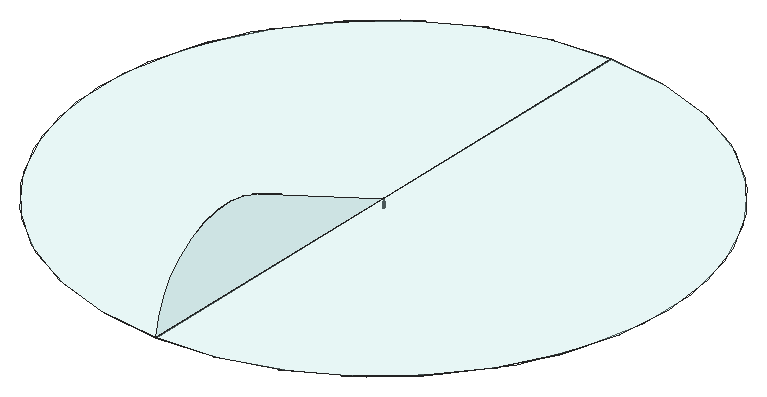
Revit family "Rotor 3500 Series - 3504PCSAMNP", category Acessórios do tubo, Revit 2020
Family settings
  Cota do conector redondo = Utilizar diâmetro
  Tipo de parte = Normal
  Número OmniClass = 23.60.30.11.14
  Título OmniClass = Pipework Fittings
  Com base no plano de trabalho = Não
  Sempre na vertical = Sim
  Corte com vazios quando carregada = Não
  Compartilhado = Não
Parameters (values of type "Nozzle 3.0")
  Water = Water
  URL = "https://www.rainbird.com/"
  TABLE PRESSURE = "Press."
  TABLE 55 = "TABLE 55psi"
  TABLE 45 = "TABLE 45psi"
  TABLE 35 = "TABLE 35psi"
  TABLE 25 = "TABLE 25psi"
  SupportProjetos: Reviw Date = ""  # constant formula
  SupportProjetos: Reviw = "R00"  # constant formula
  SupportProjetos: Level of Detail = "LOD 300"  # constant formula
  SupportProjetos: Developed = "MICHEL SOARES MOTA"  # constant formula
  SupportProjetos: Creation Date = "06/08/2020"  # constant formula
  Side inlet = no
  Rotation Water Visibility [instance] = Pop up on  # yes
  Rotation Angle [instance] = 360.00°
  RainBird: Product Link = "https://www.rainbird.com/"
  RainBird: Description = "3504PC-SAM-NP: 4 Rotor"  # constant formula
  RainBird: Comment [instance] = ""
  RainBird: Code = "Y34900"  # constant formula
  Radius [instance] = if(Instance = 1, size_lookup(TABLE PRESSURE, "Radius75", 0 ft, Pressure), if(Instance = 2, size_lookup(TABLE PRESSURE, "Radius1", 0 ft, Pressure), if(Instance = 3, size_lookup(TABLE PRESSURE, "Radius15", 0 ft, Pressure), if(Instance = 4, size_lookup(TABLE PRESSURE, "Radius2", 0 ft, Pressure), if(Instance = 5, size_lookup(TABLE PRESSURE, "Radius3", 0 ft, Pressure), if(Instance = 6, size_lookup(TABLE PRESSURE, "Radius4", 0 ft, Pressure), 0 ft))))))  # 31 ft
  RT = 0.009893 ft
  RN = 0.032808 ft
  R5 = 0.03937 ft
  R4 = 0.04101 ft
  R3 = 0.065617 ft
  R2 = 0.075407 ft
  R1 = 0.032808 ft
  Pressure [instance] = 35.0 psi
  Pop up height = 0.334646 ft
  Pop up on [instance] = yes
  Modelo = "3504PCSAMNP"  # constant formula
  Instance = 5
  H1 = Body height / 3  # 0.194663 ft
  Flow [instance] = if(Pressure = 25.0 psi, size_lookup(TABLE 25, "Flow", 0.0 GPM, Radius), if(Pressure = 35.0 psi, size_lookup(TABLE 35, "Flow", 0.0 GPM, Radius), if(Pressure = 45.0 psi, size_lookup(TABLE 45, "Flow", 0.0 GPM, Radius), if(Pressure = 55.0 psi, size_lookup(TABLE 55, "Flow", 0.0 GPM, Radius), 0.0 GPM))))  # 2.6 GPM
  Fabricante = "Rain Bird"
  Elevação padrão = 0 ft
  Descrição = RainBird: Description  # "3504PC-SAM-NP: 4 Rotor"
  DD13 = 0.002625 ft
  DD12 = 0.003937 ft
  DD11 = 0.009897 ft
  DD10 = 0.016404 ft
  DD8 [instance] = if(Pop up on, Pop up height, 0 ft)  # 0.334646 ft
  DD7 = 0.019685 ft
  DD6 [instance] = 0.016404 ft
  DD5 = 0.065617 ft
  DD4 = 0.032808 ft
  DD3 = 0.091048 ft
  DD2 [instance] = 0.024514 ft
  DD9 [instance] = if(Pop up on, Pop up height + 0.049541 ft, 0 ft)  # 0.384186 ft
  DD1 = 0.006562 ft
  Conection = 0.062664 ft  # constant formula
  Body height = 0.58399 ft
  Blue = Blue Plastic
  Black Plastic = Black Plastic
  Angle = 25.00°
Types (7, lengths in ft): name | Rotation Angle | Radius | Pressure | Instance | Flow
  (no name) | 360.00° | 31 | 35.0 psi | 5 | 2.6 GPM
  Nozzle 0.75 | 180.00° | 15 | 25.0 psi | 1 | 0.54 GPM
  Nozzle 1.0 | 360.00° | 21 | 35.0 psi | 2 | 0.92 GPM
  Nozzle 1.5 | 360.00° | 23 | 35.0 psi | 3 | 1.28 GPM
  Nozzle 2.0 | 360.00° | 27 | 35.0 psi | 4 | 1.69 GPM
  Nozzle 3.0 | 360.00° | 31 | 35.0 psi | 5 | 2.6 GPM
  Nozzle 4.0 | 360.00° | 33 | 35.0 psi | 6 | 3.58 GPM
Reference planes (ft)
  plane 1 "Centro (Frente/Trás)": y = 0
  plane 2: z = 0
  plane 3 "Centro (Esquerda/Direita)": x = 0
  plane 4: z = 0.003937
  plane 5: z = 0.002625
  plane 6: y = -0.065617
Forms (ft)
  Revolve 1, solid, material "Black Plastic" <- "Black Plastic"
    sketch origin (0, 0, 0) x (1, 0, 0) y (0, 0, 1)
      loop
        line (0.075407, -0.091048) -> (0.075407, -0.035324)
        arc (0.075407, -0.035324) -> (0.072509, -0.028329) -> (0.065514, -0.025431) r 0.009893
        line (0.065514, -0.025431) -> (0.046098, -0.025431) -> (0.046098, 0) -> (0.03937, 0) -> (0.03937, -0.334646) -> (0.019685, -0.334646) -> (0.019685, -0.577428) -> (0.032808, -0.577428) -> (0.032808, -0.58399) -> (0.04101, -0.58399) -> (0.04101, -0.577428) -> (0.055724, -0.577428)
        arc (0.055724, -0.577428) -> (0.062719, -0.57453) -> (0.065617, -0.567535) r 0.009893
        line (0.065617, -0.567535) -> (0.065617, -0.091048) -> (0.075407, -0.091048)
      axis (0, -0.58399) -> (0, 0)
    angle from 0 to 360
  Extrusion 2, solid, material "Black Plastic" <- "Black Plastic"
    sketch origin (0, 0, 0) x (1, 0, 0) y (0, 1, 0)
      loop
        circle (0, 0) r 0.032808
    from -0.334646 to 0.334646
  Extrusion 3, void
    sketch origin (0, 0, 0) x (1, 0, 0) y (0, 1, 0)
      loop
        circle (0, 0) r 0.022844
    from -0.334646 to 0.334646
  Revolve 4, solid, material "Black Plastic" <- "Black Plastic"
    sketch origin (0, 0, 0) x (1, 0, 0) y (0, 0, 1)
      loop
        line (0, 0.334646) -> (0.037004, 0.334646) -> (0.037004, 0.344543)
        arc (0.037004, 0.344543) -> (0.01879, 0.349436) -> (0, 0.35105) r 0.10685
        line (0, 0.35105) -> (0, 0.334646)
      axis (0, 0.334646) -> (0, 0.35105)
    angle from 0 to 360
  Extrusion 5, solid, material "Blue Plastic" <- "Blue"
    sketch origin (0, 0, 0) x (1, 0, 0) y (0, 0, 1)
      loop
        circle (0, 0.310131) r 0.009129
      loop
        circle (0, 0.310131) r 0.004793
    from 0 to 0.034386
  Extrusion 6, void
    sketch origin (0, 0, 0) x (1, 0, 0) y (0, 0, 1)
      loop
        line (-0.02074, 0.328055) -> (-0.02074, 0.282426) -> (0.020672, 0.282426) -> (0.020672, 0.328055) -> (-0.02074, 0.328055)
      loop
        line (-0.018439, 0.325179) -> (-0.018439, 0.285685) -> (0.018179, 0.285685) -> (0.018179, 0.325179) -> (-0.018439, 0.325179)
    from 0.024556 to 0.06931
  Extrusion 7, solid, material "Black Plastic" <- "Black Plastic"
    sketch origin (0, 0, 0) x (1, 0, 0) y (0, 0, 1)
      loop
        line (0.046098, 0) -> (0.046098, -0.036876) -> (0.073493, -0.036876) -> (0.046098, 0)
    from -0.002998 to 0.002998
  Extrusion 8, solid, material "Black Plastic" <- "Black Plastic"
    sketch origin (0, 0, 0) x (-1, 0, 0) y (0, 0, -1)
      loop
        line (0.046098, 0) -> (0.073493, 0.036876) -> (0.046098, 0.036876) -> (0.046098, 0)
    from -0.002998 to 0.002998
  Extrusion 9, solid, material "Black Plastic" <- "Black Plastic"
    sketch origin (0, 0, 0) x (0.866025, 0.5, 0) y (0, 0, 1)
      loop
        line (0.046098, 0) -> (0.046098, -0.036876) -> (0.073493, -0.036876) -> (0.046098, 0)
    from -0.002998 to 0.002998
  Extrusion 10, solid, material "Black Plastic" <- "Black Plastic"
    sketch origin (0, 0, 0) x (-0.866025, -0.5, 0) y (0, 0, -1)
      loop
        line (0.046098, 0) -> (0.073493, 0.036876) -> (0.046098, 0.036876) -> (0.046098, 0)
    from -0.002998 to 0.002998
  Extrusion 11, solid, material "Black Plastic" <- "Black Plastic"
    sketch origin (0, 0, 0) x (0, 1, 0) y (0, 0, 1)
      loop
        line (0.046098, 0) -> (0.046098, -0.036876) -> (0.073493, -0.036876) -> (0.046098, 0)
    from -0.002998 to 0.002998
  Extrusion 12, solid, material "Black Plastic" <- "Black Plastic"
    sketch origin (0, 0, 0) x (0, -1, 0) y (0, 0, -1)
      loop
        line (0.046098, 0) -> (0.073493, 0.036876) -> (0.046098, 0.036876) -> (0.046098, 0)
    from -0.002998 to 0.002998
  Extrusion 13, solid, material "Black Plastic" <- "Black Plastic"
    sketch origin (0, 0, 0) x (0.5, 0.866025, 0) y (0, 0, 1)
      loop
        line (0.046098, 0) -> (0.046098, -0.036876) -> (0.073493, -0.036876) -> (0.046098, 0)
    from -0.002998 to 0.002998
  Extrusion 14, solid, material "Black Plastic" <- "Black Plastic"
    sketch origin (0, 0, 0) x (-0.5, -0.866025, 0) y (0, 0, -1)
      loop
        line (0.046098, 0) -> (0.073493, 0.036876) -> (0.046098, 0.036876) -> (0.046098, 0)
    from -0.002998 to 0.002998
  Extrusion 15, solid, material "Black Plastic" <- "Black Plastic"
    sketch origin (0, 0, 0) x (-0.5, 0.866025, 0) y (0, 0, 1)
      loop
        line (0.046098, 0) -> (0.046098, -0.036876) -> (0.073493, -0.036876) -> (0.046098, 0)
    from -0.002998 to 0.002998
  Extrusion 16, solid, material "Black Plastic" <- "Black Plastic"
    sketch origin (0, 0, 0) x (0.5, -0.866025, 0) y (0, 0, -1)
      loop
        line (0.046098, 0) -> (0.073493, 0.036876) -> (0.046098, 0.036876) -> (0.046098, 0)
    from -0.002998 to 0.002998
  Extrusion 17, solid, material "Black Plastic" <- "Black Plastic"
    sketch origin (0, 0, 0) x (-0.866025, 0.5, 0) y (0, 0, 1)
      loop
        line (0.046098, 0) -> (0.046098, -0.036876) -> (0.073493, -0.036876) -> (0.046098, 0)
    from -0.002998 to 0.002998
  Extrusion 18, solid, material "Black Plastic" <- "Black Plastic"
    sketch origin (0, 0, 0) x (0.866025, -0.5, 0) y (0, 0, -1)
      loop
        line (0.046098, 0) -> (0.073493, 0.036876) -> (0.046098, 0.036876) -> (0.046098, 0)
    from -0.002998 to 0.002998
  Extrusion 19, void
    sketch origin (0, 0, 0) x (1, 0, 0) y (0, 1, 0)
      loop
        line (-0.002998, 0.077702) -> (-0.002998, 0.071655) -> (0.002998, 0.071655) -> (0.002998, 0.077702) -> (-0.002998, 0.077702)
    from -0.091048 to 0.82021
  Extrusion 20, void
    sketch origin (0, 0, 0) x (1, 0, 0) y (0, 1, 0)
      loop
        line (0.002998, -0.077702) -> (0.002998, -0.071655) -> (-0.002998, -0.071655) -> (-0.002998, -0.077702) -> (0.002998, -0.077702)
    from -0.091048 to 0.82021
  Extrusion 21, void
    sketch origin (0, 0, 0) x (0.965926, 0.258819, 0) y (-0.258819, 0.965926, 0)
      loop
        line (-0.002998, 0.077702) -> (-0.002998, 0.071655) -> (0.002998, 0.071655) -> (0.002998, 0.077702) -> (-0.002998, 0.077702)
    from -0.091048 to 0.82021
  Extrusion 22, void
    sketch origin (0, 0, 0) x (0.965926, 0.258819, 0) y (-0.258819, 0.965926, 0)
      loop
        line (0.002998, -0.077702) -> (0.002998, -0.071655) -> (-0.002998, -0.071655) -> (-0.002998, -0.077702) -> (0.002998, -0.077702)
    from -0.091048 to 0.82021
  Extrusion 23, void
    sketch origin (0, 0, 0) x (0.866025, 0.5, 0) y (-0.5, 0.866025, 0)
      loop
        line (-0.002998, 0.077702) -> (-0.002998, 0.071655) -> (0.002998, 0.071655) -> (0.002998, 0.077702) -> (-0.002998, 0.077702)
    from -0.091048 to 0.82021
  Extrusion 24, void
    sketch origin (0, 0, 0) x (0.866025, 0.5, 0) y (-0.5, 0.866025, 0)
      loop
        line (0.002998, -0.077702) -> (0.002998, -0.071655) -> (-0.002998, -0.071655) -> (-0.002998, -0.077702) -> (0.002998, -0.077702)
    from -0.091048 to 0.82021
  Extrusion 25, void
    sketch origin (0, 0, 0) x (0.5, 0.866025, 0) y (-0.866025, 0.5, 0)
      loop
        line (-0.002998, 0.077702) -> (-0.002998, 0.071655) -> (0.002998, 0.071655) -> (0.002998, 0.077702) -> (-0.002998, 0.077702)
    from -0.091048 to 0.82021
  Extrusion 26, void
    sketch origin (0, 0, 0) x (0.5, 0.866025, 0) y (-0.866025, 0.5, 0)
      loop
        line (0.002998, -0.077702) -> (0.002998, -0.071655) -> (-0.002998, -0.071655) -> (-0.002998, -0.077702) -> (0.002998, -0.077702)
    from -0.091048 to 0.82021
  Extrusion 27, void
    sketch origin (0, 0, 0) x (0.707107, 0.707107, 0) y (-0.707107, 0.707107, 0)
      loop
        line (-0.002998, 0.077702) -> (-0.002998, 0.071655) -> (0.002998, 0.071655) -> (0.002998, 0.077702) -> (-0.002998, 0.077702)
    from -0.091048 to 0.82021
  Extrusion 28, void
    sketch origin (0, 0, 0) x (0.707107, 0.707107, 0) y (-0.707107, 0.707107, 0)
      loop
        line (0.002998, -0.077702) -> (0.002998, -0.071655) -> (-0.002998, -0.071655) -> (-0.002998, -0.077702) -> (0.002998, -0.077702)
    from -0.091048 to 0.82021
  Extrusion 29, void
    sketch origin (0, 0, 0) x (0.258819, 0.965926, 0) y (-0.965926, 0.258819, 0)
      loop
        line (-0.002998, 0.077702) -> (-0.002998, 0.071655) -> (0.002998, 0.071655) -> (0.002998, 0.077702) -> (-0.002998, 0.077702)
    from -0.091048 to 0.82021
  Extrusion 30, void
    sketch origin (0, 0, 0) x (0.258819, 0.965926, 0) y (-0.965926, 0.258819, 0)
      loop
        line (0.002998, -0.077702) -> (0.002998, -0.071655) -> (-0.002998, -0.071655) -> (-0.002998, -0.077702) -> (0.002998, -0.077702)
    from -0.091048 to 0.82021
  Extrusion 31, void
    sketch origin (0, 0, 0) x (0, 1, 0) y (-1, 0, 0)
      loop
        line (-0.002998, 0.077702) -> (-0.002998, 0.071655) -> (0.002998, 0.071655) -> (0.002998, 0.077702) -> (-0.002998, 0.077702)
    from -0.091048 to 0.82021
  Extrusion 32, void
    sketch origin (0, 0, 0) x (0, 1, 0) y (-1, 0, 0)
      loop
        line (0.002998, -0.077702) -> (0.002998, -0.071655) -> (-0.002998, -0.071655) -> (-0.002998, -0.077702) -> (0.002998, -0.077702)
    from -0.091048 to 0.82021
  Extrusion 33, void
    sketch origin (0, 0, 0) x (-0.258819, 0.965926, 0) y (-0.965926, -0.258819, 0)
      loop
        line (-0.002998, 0.077702) -> (-0.002998, 0.071655) -> (0.002998, 0.071655) -> (0.002998, 0.077702) -> (-0.002998, 0.077702)
    from -0.091048 to 0.82021
  Extrusion 34, void
    sketch origin (0, 0, 0) x (-0.258819, 0.965926, 0) y (-0.965926, -0.258819, 0)
      loop
        line (0.002998, -0.077702) -> (0.002998, -0.071655) -> (-0.002998, -0.071655) -> (-0.002998, -0.077702) -> (0.002998, -0.077702)
    from -0.091048 to 0.82021
  Extrusion 35, void
    sketch origin (0, 0, 0) x (-0.5, 0.866025, 0) y (-0.866025, -0.5, 0)
      loop
        line (-0.002998, 0.077702) -> (-0.002998, 0.071655) -> (0.002998, 0.071655) -> (0.002998, 0.077702) -> (-0.002998, 0.077702)
    from -0.091048 to 0.82021
  Extrusion 36, void
    sketch origin (0, 0, 0) x (-0.5, 0.866025, 0) y (-0.866025, -0.5, 0)
      loop
        line (0.002998, -0.077702) -> (0.002998, -0.071655) -> (-0.002998, -0.071655) -> (-0.002998, -0.077702) -> (0.002998, -0.077702)
    from -0.091048 to 0.82021
  Extrusion 37, void
    sketch origin (0, 0, 0) x (-0.707107, 0.707107, 0) y (-0.707107, -0.707107, 0)
      loop
        line (-0.002998, 0.077702) -> (-0.002998, 0.071655) -> (0.002998, 0.071655) -> (0.002998, 0.077702) -> (-0.002998, 0.077702)
    from -0.091048 to 0.82021
  Extrusion 38, void
    sketch origin (0, 0, 0) x (-0.707107, 0.707107, 0) y (-0.707107, -0.707107, 0)
      loop
        line (0.002998, -0.077702) -> (0.002998, -0.071655) -> (-0.002998, -0.071655) -> (-0.002998, -0.077702) -> (0.002998, -0.077702)
    from -0.091048 to 0.82021
  Extrusion 39, void
    sketch origin (0, 0, 0) x (-0.866025, 0.5, 0) y (-0.5, -0.866025, 0)
      loop
        line (-0.002998, 0.077702) -> (-0.002998, 0.071655) -> (0.002998, 0.071655) -> (0.002998, 0.077702) -> (-0.002998, 0.077702)
    from -0.091048 to 0.82021
  Extrusion 40, void
    sketch origin (0, 0, 0) x (-0.866025, 0.5, 0) y (-0.5, -0.866025, 0)
      loop
        line (0.002998, -0.077702) -> (0.002998, -0.071655) -> (-0.002998, -0.071655) -> (-0.002998, -0.077702) -> (0.002998, -0.077702)
    from -0.091048 to 0.82021
  Extrusion 41, void
    sketch origin (0, 0, 0) x (-0.965926, 0.258819, 0) y (-0.258819, -0.965926, 0)
      loop
        line (-0.002998, 0.077702) -> (-0.002998, 0.071655) -> (0.002998, 0.071655) -> (0.002998, 0.077702) -> (-0.002998, 0.077702)
    from -0.091048 to 0.82021
  Extrusion 42, void
    sketch origin (0, 0, 0) x (-0.965926, 0.258819, 0) y (-0.258819, -0.965926, 0)
      loop
        line (0.002998, -0.077702) -> (0.002998, -0.071655) -> (-0.002998, -0.071655) -> (-0.002998, -0.077702) -> (0.002998, -0.077702)
    from -0.091048 to 0.82021
  Extrusion 43, solid, material "Water" <- "Water", visible <- "Rotation Water Visibility"
    sketch origin (0, 0, 0) x (0, 1, 0) y (0, 0, 1)
      loop
        line (-0.032808, 0.310131) -> (-17.150476, 8.292231)
        arc (-17.150476, 8.292231) -> (-26.164745, 7.906686) -> (-31.032808, 0.310131) r 9.786651
        line (-31.032808, 0.310131) -> (-0.032808, 0.310131)
    from -0.008202 to 0.008202
Cuts and joins
  Extrusion 3, Extrusion 6 cuts Extrusion 2
  Extrusion 19, Extrusion 20, Extrusion 21, Extrusion 22, Extrusion 23, Extrusion 24, Extrusion 25, Extrusion 26, Extrusion 27, Extrusion 28, Extrusion 29, Extrusion 30, Extrusion 31, Extrusion 32, Extrusion 33, Extrusion 34, Extrusion 35, Extrusion 36, Extrusion 37, Extrusion 38, Extrusion 39, Extrusion 40, Extrusion 41, Extrusion 42 cuts Revolve 1
Dimensions and locks (ft)
  "Body height": level to Revolve 1 sketch curve
  "R2": Revolve 1 sketch curve to plane 3 "Centro (Esquerda/Direita)"
  "DD1": Revolve 1 sketch curve to Revolve 1 sketch curve
  "DD3": level to Revolve 1 sketch curve
  Revolve 1 sketch curve to plane 3 "Centro (Esquerda/Direita)" = 0.065617 ft
  "R4": Revolve 1 sketch curve to plane 3 "Centro (Esquerda/Direita)"
  "RN": Revolve 1 sketch curve to plane 3 "Centro (Esquerda/Direita)"
  "Pop up height": level to Revolve 1 sketch curve
  "R5": plane 3 "Centro (Esquerda/Direita)" to Revolve 1 sketch curve
  "DD7": Revolve 1 sketch curve to plane 3 "Centro (Esquerda/Direita)"
  "DD8": Extrusion 2 to level
  "DD12": plane 4 to level
  "DD13": plane 5 to level
  "R3": plane 6 to plane 1 "Centro (Frente/Trás)"
  "DD5": Revolve 1 sketch curve to Revolve 1 sketch curve
  "DD10": Revolve 4 sketch curve to Revolve 4 sketch curve
  "DD11": Revolve 4 sketch curve to Revolve 4 sketch curve
  "DD2": Revolve 4 to Extrusion 5 sketch curve  (x2)
  Extrusion 7 to plane 3 "Centro (Esquerda/Direita)" = 0.046098 ft
  equal spacing: Extrusion 7, plane 1 "Centro (Frente/Trás)", Extrusion 7
  Extrusion 8 to Extrusion 8 = 0.005995 ft
  Extrusion 9 to Extrusion 9 = 0.005995 ft
  Extrusion 20 sketch curve to Extrusion 20 sketch curve = 0.005995 ft
  Extrusion 22 sketch curve to Extrusion 22 sketch curve = 0.005995 ft
  Extrusion 24 sketch curve to Extrusion 24 sketch curve = 0.005995 ft
  Extrusion 26 sketch curve to Extrusion 26 sketch curve = 0.005995 ft
  Extrusion 28 sketch curve to Extrusion 28 sketch curve = 0.005995 ft
  Extrusion 30 sketch curve to Extrusion 30 sketch curve = 0.005995 ft
  Extrusion 32 sketch curve to Extrusion 32 sketch curve = 0.005995 ft
  Extrusion 34 sketch curve to Extrusion 34 sketch curve = 0.005995 ft
  Extrusion 36 sketch curve to Extrusion 36 sketch curve = 0.005995 ft
  Extrusion 38 sketch curve to Extrusion 38 sketch curve = 0.005995 ft
  Extrusion 40 sketch curve to Extrusion 40 sketch curve = 0.005995 ft
  Extrusion 42 sketch curve to Extrusion 42 sketch curve = 0.005995 ft
  "DD4": plane 1 "Centro (Frente/Trás)" to Extrusion 43 sketch curve
  "DD2": Revolve 4 to Extrusion 43 sketch curve
  "Radius": Extrusion 43 sketch curve to Extrusion 43 sketch curve
  equal spacing: Extrusion 43, plane 3 "Centro (Esquerda/Direita)", Extrusion 43
  "DD6": Extrusion 43 to Extrusion 43
  "DD2": Revolve 4 to nested 1
  "RT": radius of Revolve 1 sketch curve  (x2)
  "R1": radius of Extrusion 2 sketch curve
  "Angle": angle Extrusion 43 sketch curve to Extrusion 43 sketch curve
  aligned and locked: level to plane 2
  aligned and locked: Revolve 1 sketch curve to Revolve 1 sketch curve
  aligned and locked: Extrusion 2 to Revolve 1
  aligned and locked: cut or joined group of Extrusion 2, Extrusion 3, Extrusion 6 to cut or joined group of Extrusion 2, Extrusion 3, Extrusion 6  (x2)
  aligned and locked: Revolve 4 sketch curve to cut or joined group of Extrusion 2, Extrusion 3, Extrusion 6
  aligned and locked: Extrusion 20 to Revolve 1
  aligned and locked: Extrusion 22 to Revolve 1
  aligned and locked: Extrusion 24 to Revolve 1
  aligned and locked: Extrusion 28 to Revolve 1
  aligned and locked: Extrusion 26 to Revolve 1
  aligned and locked: Extrusion 30 to Revolve 1
  aligned and locked: Extrusion 32 to Revolve 1
  aligned and locked: Extrusion 34 to Revolve 1
  aligned and locked: Revolve 1 to Extrusion 36
  aligned and locked: Revolve 1 to Extrusion 38
  aligned and locked: Extrusion 41 to Revolve 1
  aligned and locked: Extrusion 39 to Revolve 1
  aligned and locked: Extrusion 37 to Revolve 1
  aligned and locked: Extrusion 35 to Revolve 1
  aligned and locked: Extrusion 33 to Revolve 1
  aligned and locked: Extrusion 31 to Revolve 1
  aligned and locked: Extrusion 29 to Revolve 1
  aligned and locked: Revolve 1 to Extrusion 25
  aligned and locked: Revolve 1 to Extrusion 27
  aligned and locked: Revolve 1 to Extrusion 19
  aligned and locked: Revolve 1 to Extrusion 21
  aligned and locked: Revolve 1 to Extrusion 42
  aligned and locked: Revolve 1 to Extrusion 40
  aligned and locked: Revolve 1 to Extrusion 23
Automatic sketch dimensions
  plane 1 "Centro (Frente/Trás)" to Extrusion 2 sketch curve = 0 ft
  Extrusion 2 sketch curve to plane 3 "Centro (Esquerda/Direita)" = 0 ft
  plane 1 "Centro (Frente/Trás)" to Extrusion 3 sketch curve = 0 ft
  Extrusion 3 sketch curve to plane 3 "Centro (Esquerda/Direita)" = 0 ft
  Revolve 4 sketch curve to plane 3 "Centro (Esquerda/Direita)" = 0 ft  (x2)
  plane 3 "Centro (Esquerda/Direita)" to Revolve 4 sketch curve = 0.000284 ft
  plane 3 "Centro (Esquerda/Direita)" to Revolve 4 sketch curve = 0.037004 ft
  Revolve 4 sketch curve to Revolve 4 sketch curve = 0.015719 ft
  Revolve 4 sketch curve to Revolve 4 sketch curve = 0.114829 ft
  Extrusion 5 sketch curve to Extrusion 5 sketch curve = 0 ft
  Extrusion 5 sketch curve to plane 3 "Centro (Esquerda/Direita)" = 0 ft
  Extrusion 6 sketch curve to plane 3 "Centro (Esquerda/Direita)" = 0.02074 ft
  Extrusion 6 sketch curve to Extrusion 6 sketch curve = 0.002301 ft
  plane 3 "Centro (Esquerda/Direita)" to Extrusion 6 sketch curve = 0.018179 ft
  Extrusion 6 sketch curve to Extrusion 6 sketch curve = 0.002492 ft
  plane 4 to Extrusion 6 sketch curve = 0.278489 ft
  Extrusion 6 sketch curve to Extrusion 6 sketch curve = 0.003259 ft
  Extrusion 6 sketch curve to Extrusion 6 sketch curve = 0.039494 ft
  Extrusion 6 sketch curve to Extrusion 6 sketch curve = 0.002876 ft
  Extrusion 7 sketch curve to level = 0 ft
  plane 3 "Centro (Esquerda/Direita)" to Extrusion 7 sketch curve = 0.046098 ft
  Extrusion 7 sketch curve to Extrusion 7 sketch curve = 0.027396 ft
  Extrusion 7 sketch curve to Extrusion 7 sketch curve = 0.036876 ft
  Extrusion 8 sketch curve to level = 0 ft
  plane 3 "Centro (Esquerda/Direita)" to Extrusion 8 sketch curve = 0.046098 ft
  Extrusion 8 sketch curve to Extrusion 8 sketch curve = 0.027396 ft
  Extrusion 8 sketch curve to Extrusion 8 sketch curve = 0.036876 ft
  Extrusion 9 sketch curve to level = 0 ft
  Extrusion 9 sketch curve to level = 0.036876 ft
  Extrusion 9 sketch curve to Extrusion 9 sketch curve = 0.027396 ft
  Extrusion 10 sketch curve to level = 0 ft
  Extrusion 10 sketch curve to level = 0.036876 ft
  Extrusion 10 sketch curve to Extrusion 10 sketch curve = 0.027396 ft
  Extrusion 11 sketch curve to level = 0 ft
  Extrusion 11 sketch curve to plane 1 "Centro (Frente/Trás)" = 0.046098 ft
  Extrusion 11 sketch curve to Extrusion 11 sketch curve = 0.027396 ft
  Extrusion 11 sketch curve to Extrusion 11 sketch curve = 0.036876 ft
  Extrusion 12 sketch curve to level = 0 ft
  plane 6 to Extrusion 12 sketch curve = 0.019519 ft
  Extrusion 12 sketch curve to plane 6 = 0.007877 ft
  Extrusion 12 sketch curve to level = 0.036876 ft
  Extrusion 13 sketch curve to level = 0 ft
  Extrusion 13 sketch curve to level = 0.036876 ft
  Extrusion 13 sketch curve to Extrusion 13 sketch curve = 0.027396 ft
  Extrusion 14 sketch curve to level = 0 ft
  Extrusion 14 sketch curve to level = 0.036876 ft
  Extrusion 14 sketch curve to Extrusion 14 sketch curve = 0.027396 ft
  level to Extrusion 15 sketch curve = 0 ft
  Extrusion 15 sketch curve to level = 0.036876 ft
  Extrusion 15 sketch curve to Extrusion 15 sketch curve = 0.027396 ft
  level to Extrusion 16 sketch curve = 0 ft
  Extrusion 16 sketch curve to level = 0.036876 ft
  Extrusion 16 sketch curve to Extrusion 16 sketch curve = 0.027396 ft
  level to Extrusion 17 sketch curve = 0 ft
  Extrusion 17 sketch curve to level = 0.036876 ft
  Extrusion 17 sketch curve to Extrusion 17 sketch curve = 0.027396 ft
  level to Extrusion 18 sketch curve = 0 ft
  Extrusion 18 sketch curve to level = 0.036876 ft
  Extrusion 18 sketch curve to Extrusion 18 sketch curve = 0.027396 ft
  Extrusion 19 sketch curve to plane 3 "Centro (Esquerda/Direita)" = 0.002998 ft
  Extrusion 19 sketch curve to plane 1 "Centro (Frente/Trás)" = 0.071655 ft
  Extrusion 19 sketch curve to Extrusion 19 sketch curve = 0.006047 ft
  plane 3 "Centro (Esquerda/Direita)" to Extrusion 20 sketch curve = 0.002998 ft
  plane 6 to Extrusion 20 sketch curve = 0.006038 ft
  Extrusion 20 sketch curve to Extrusion 20 sketch curve = 0.006047 ft
  plane 3 "Centro (Esquerda/Direita)" to Extrusion 19 sketch curve = 0.002998 ft
  Extrusion 21 sketch curve to plane 3 "Centro (Esquerda/Direita)" = 0.021441 ft
  Extrusion 21 sketch curve to plane 1 "Centro (Frente/Trás)" = 0.068438 ft
  Extrusion 21 sketch curve to Extrusion 21 sketch curve = 0.005995 ft
  Extrusion 21 sketch curve to Extrusion 21 sketch curve = 0.006047 ft
  Extrusion 22 sketch curve to plane 6 = 0.010213 ft
  plane 3 "Centro (Esquerda/Direita)" to Extrusion 22 sketch curve = 0.017215 ft
  Extrusion 22 sketch curve to Extrusion 22 sketch curve = 0.006047 ft
  Extrusion 23 sketch curve to plane 3 "Centro (Esquerda/Direita)" = 0.038424 ft
  Extrusion 23 sketch curve to plane 1 "Centro (Frente/Trás)" = 0.060556 ft
  Extrusion 23 sketch curve to Extrusion 23 sketch curve = 0.005995 ft
  Extrusion 23 sketch curve to Extrusion 23 sketch curve = 0.006047 ft
  Extrusion 24 sketch curve to plane 6 = 0.003174 ft
  plane 3 "Centro (Esquerda/Direita)" to Extrusion 24 sketch curve = 0.036255 ft
  Extrusion 24 sketch curve to Extrusion 24 sketch curve = 0.006047 ft
  Extrusion 25 sketch curve to plane 1 "Centro (Frente/Trás)" = 0.033231 ft
  Extrusion 25 sketch curve to plane 3 "Centro (Esquerda/Direita)" = 0.063554 ft
  Extrusion 25 sketch curve to Extrusion 25 sketch curve = 0.005995 ft
  Extrusion 25 sketch curve to Extrusion 25 sketch curve = 0.006047 ft
  Extrusion 26 sketch curve to plane 6 = 0.02417 ft
  Extrusion 26 sketch curve to plane 3 "Centro (Esquerda/Direita)" = 0.065793 ft
  Extrusion 26 sketch curve to Extrusion 26 sketch curve = 0.006047 ft
  Extrusion 27 sketch curve to plane 1 "Centro (Frente/Trás)" = 0.048548 ft
  Extrusion 27 sketch curve to plane 3 "Centro (Esquerda/Direita)" = 0.052787 ft
  Extrusion 27 sketch curve to Extrusion 27 sketch curve = 0.005995 ft
  Extrusion 27 sketch curve to Extrusion 27 sketch curve = 0.006047 ft
  plane 6 to Extrusion 28 sketch curve = 0.008554 ft
  plane 3 "Centro (Esquerda/Direita)" to Extrusion 28 sketch curve = 0.052824 ft
  Extrusion 28 sketch curve to Extrusion 28 sketch curve = 0.006047 ft
  Extrusion 29 sketch curve to plane 1 "Centro (Frente/Trás)" = 0.01565 ft
  Extrusion 29 sketch curve to plane 3 "Centro (Esquerda/Direita)" = 0.069989 ft
  Extrusion 29 sketch curve to Extrusion 29 sketch curve = 0.005995 ft
  Extrusion 29 sketch curve to Extrusion 29 sketch curve = 0.006047 ft
  plane 1 "Centro (Frente/Trás)" to Extrusion 30 sketch curve = 0.023006 ft
  plane 3 "Centro (Esquerda/Direita)" to Extrusion 30 sketch curve = 0.074278 ft
  Extrusion 30 sketch curve to Extrusion 30 sketch curve = 0.006047 ft
  plane 1 "Centro (Frente/Trás)" to Extrusion 31 sketch curve = 0.002998 ft
  Extrusion 31 sketch curve to plane 1 "Centro (Frente/Trás)" = 0.002998 ft
  Extrusion 31 sketch curve to plane 3 "Centro (Esquerda/Direita)" = 0.071655 ft
  Extrusion 31 sketch curve to Extrusion 31 sketch curve = 0.006047 ft
  plane 1 "Centro (Frente/Trás)" to Extrusion 32 sketch curve = 0.002998 ft
  plane 3 "Centro (Esquerda/Direita)" to Extrusion 32 sketch curve = 0.077702 ft
  Extrusion 32 sketch curve to Extrusion 32 sketch curve = 0.006047 ft
  plane 1 "Centro (Frente/Trás)" to Extrusion 33 sketch curve = 0.021441 ft
  Extrusion 33 sketch curve to plane 3 "Centro (Esquerda/Direita)" = 0.068438 ft
  Extrusion 33 sketch curve to Extrusion 33 sketch curve = 0.005995 ft
  Extrusion 33 sketch curve to Extrusion 33 sketch curve = 0.006047 ft
  Extrusion 34 sketch curve to plane 1 "Centro (Frente/Trás)" = 0.017215 ft
  plane 3 "Centro (Esquerda/Direita)" to Extrusion 34 sketch curve = 0.07583 ft
  Extrusion 34 sketch curve to Extrusion 34 sketch curve = 0.006047 ft
  plane 6 to Extrusion 35 sketch curve = 0.027193 ft
  Extrusion 35 sketch curve to plane 3 "Centro (Esquerda/Direita)" = 0.060556 ft
  Extrusion 35 sketch curve to Extrusion 35 sketch curve = 0.005995 ft
  Extrusion 35 sketch curve to Extrusion 35 sketch curve = 0.006047 ft
  Extrusion 36 sketch curve to plane 1 "Centro (Frente/Trás)" = 0.036255 ft
  plane 3 "Centro (Esquerda/Direita)" to Extrusion 36 sketch curve = 0.068791 ft
  Extrusion 36 sketch curve to Extrusion 36 sketch curve = 0.006047 ft
  plane 6 to Extrusion 37 sketch curve = 0.012829 ft
  Extrusion 37 sketch curve to plane 3 "Centro (Esquerda/Direita)" = 0.048548 ft
  Extrusion 37 sketch curve to Extrusion 37 sketch curve = 0.005995 ft
  Extrusion 37 sketch curve to Extrusion 37 sketch curve = 0.006047 ft
  Extrusion 38 sketch curve to plane 1 "Centro (Frente/Trás)" = 0.052824 ft
  plane 3 "Centro (Esquerda/Direita)" to Extrusion 38 sketch curve = 0.057063 ft
  Extrusion 38 sketch curve to Extrusion 38 sketch curve = 0.006047 ft
  plane 6 to Extrusion 39 sketch curve = 0.002063 ft
  Extrusion 39 sketch curve to plane 3 "Centro (Esquerda/Direita)" = 0.033231 ft
  Extrusion 39 sketch curve to Extrusion 39 sketch curve = 0.005995 ft
  Extrusion 39 sketch curve to Extrusion 39 sketch curve = 0.006047 ft
  plane 3 "Centro (Esquerda/Direita)" to Extrusion 40 sketch curve = 0.041447 ft
  Extrusion 40 sketch curve to plane 1 "Centro (Frente/Trás)" = 0.065793 ft
  Extrusion 40 sketch curve to Extrusion 40 sketch curve = 0.006047 ft
  Extrusion 41 sketch curve to plane 6 = 0.004372 ft
  Extrusion 41 sketch curve to plane 3 "Centro (Esquerda/Direita)" = 0.01565 ft
  Extrusion 41 sketch curve to Extrusion 41 sketch curve = 0.005995 ft
  Extrusion 41 sketch curve to Extrusion 41 sketch curve = 0.006047 ft
  plane 3 "Centro (Esquerda/Direita)" to Extrusion 42 sketch curve = 0.023006 ft
  Extrusion 42 sketch curve to plane 1 "Centro (Frente/Trás)" = 0.074278 ft
  Extrusion 42 sketch curve to Extrusion 42 sketch curve = 0.006047 ft
  Revolve 1 sketch curve to plane 3 "Centro (Esquerda/Direita)" = 0 ft
  Revolve 1 sketch curve to level = 0 ft
  Revolve 1 sketch curve to Revolve 1 sketch curve = 0.019416 ft
  plane 4 to Revolve 1 sketch curve = 0.079347 ft
  Revolve 1 sketch curve to Revolve 1 sketch curve = 0.918635 ft
  Extrusion 43 sketch curve to level = 0.577487 ft
  radius of Extrusion 3 sketch curve = 0.022844 ft
  radius of Extrusion 5 sketch curve = 0.009129 ft
  radius of Extrusion 5 sketch curve = 0.004793 ft
Nested families (ft)
  nested 1: "Water" at (0.000001, 0, 0.190873) x (0, -1, 0) z (0, 0, 1), DT9 <- "DD4", Radius <- "Radius", visible <- "Rotation Water Visibility", Rotation Angle <- "Rotation Angle", type "Water"
    with Rotation Angle 360.00°, Radius 31 ft, DT9 0.032808 ft, DT8 10 ft, DT7 124 ft, DT4 155 ft, Angle 2 180.00°
Connectors (ft)
  piping at (0, 0, -0.58399), diameter 2
    settings: on cut or joined group of Revolve 1, Extrusion 19, Extrusion 20, Extrusion 21, Extrusion 22, Extrusion 23, Extrusion 24, Extrusion 25, Extrusion 26, Extrusion 27, Extrusion 28, Extrusion 29, Extrusion 30, Extrusion 31, Extrusion 32, Extrusion 33, Extrusion 34, Extrusion 35, Extrusion 36, Extrusion 37, Extrusion 38, Extrusion 39, Extrusion 40, Extrusion 41, Extrusion 42, index 1, connector inside diameter 609.6 mm, connector length 0 ft, flow factor 0, pipe flow 0.0 GPM, pressure drop 0.0 psi, fitting loss kfactor 0, connector angle 0.00°, fixture units 0, engagement length 0 ft, angle of deflection 0.00°, flow configuration 0, flow direction 0, fitting loss method 0, system type 28, joint type 0, gender type 0, connector reference index -1, connector utility 0, adjustable connector no, is connector primary yes, connector description ""
Definition of nested family "Water"
  Parameters (values of type "Water")
    Water Visibility (Circle) = yes
    Water = none
    URL = ""
    SupportProjetos: Reviw Date = ""  # constant formula
    SupportProjetos: Level of Detail = "LOD 300"  # constant formula
    SupportProjetos: Developed = "MICHEL SOARES MOTA"  # constant formula
    SupportProjetos: Creation Date = "16/07/2020"  # constant formula
    Rotation Angle [instance] = 90.00°
    Reviw = "R00"  # constant formula
    Radius [instance] = 14 ft
    Model = ""
    Default Elevation = 4 ft
    Description = ""
    DT9 [instance] = 0.032808 ft
    DT8 [instance] = if(Rotation Angle = 360.00°, 10 ft, 0 ft)  # 0 ft
    DT7 [instance] = 4 * Radius  # 56 ft
    DT4 [instance] = 5 * Radius  # 70 ft
    DT2 = 0.098425 ft  # constant formula
    DT6 = 0 ft
    Angle 2 [instance] = if(Rotation Angle = 360.00°, 180.00°, 360.00° - Rotation Angle)  # 270.00°
  Reference planes (ft)
    plane 1 "Centro (Frente/Trás)": y = 0
    plane 2: z = 0
    plane 3 "Centro (Esquerda/Direita)": x = 0
  Forms (ft)
    Revolve 1, solid, material <- "Water", visible <- "Water Visibility (Circle)"
      sketch origin (0, 0, 0) x (1, 0, 0) y (0, 0, 1)
        loop
          line (0.032808, 0.098425) -> (14.032808, 0.098425) -> (14.032808, 0.119259) -> (0.032808, 0.119259) -> (0.032808, 0.098425)
        axis (0, 0.098425) -> (0, 0.119259)
      angle from 0 to 360
    Extrusion 2, void
      sketch origin (0, 0, 0) x (1, 0, 0) y (0, 1, 0)
        loop
          line (0, 0) -> (70, 0) -> (70, 56)
          arc (70, 56) -> (-70.459018, 51.588344) -> (0, -70) r 81.847109
          line (0, -70) -> (0, 0)
      from 0 to 15.189231
  Cuts and joins
    Extrusion 2 cuts Revolve 1
  Dimensions and locks (ft)
    "DT2": Revolve 1 sketch curve to level
    "DT4": Extrusion 2 sketch curve to Extrusion 2 sketch curve  (x2)
    "DT6": Extrusion 2 sketch curve to plane 3 "Centro (Esquerda/Direita)"
    "DT7": Extrusion 2 sketch curve to Extrusion 2 sketch curve
    "DT8": cut or joined group of Revolve 1, Extrusion 2 to level
    "Radius": Revolve 1 sketch curve to Revolve 1 sketch curve
    "DT9": Revolve 1 sketch curve to plane 3 "Centro (Esquerda/Direita)"
    "Angle 2": angle Extrusion 2 sketch curve to Extrusion 2 sketch curve
    aligned and locked: level to plane 2
    aligned and locked: plane 1 "Centro (Frente/Trás)" to Extrusion 2 sketch curve
  Automatic sketch dimensions
    plane 3 "Centro (Esquerda/Direita)" to Extrusion 2 sketch curve = 1.088227 ft
    Revolve 1 sketch curve to plane 3 "Centro (Esquerda/Direita)" = 0 ft
    Revolve 1 sketch curve to Revolve 1 sketch curve = 0.020833 ft
    Revolve 1 sketch curve to Revolve 1 sketch curve = 0.032113 ft
    Revolve 1 sketch curve to Revolve 1 sketch curve = 10.2693 ft
